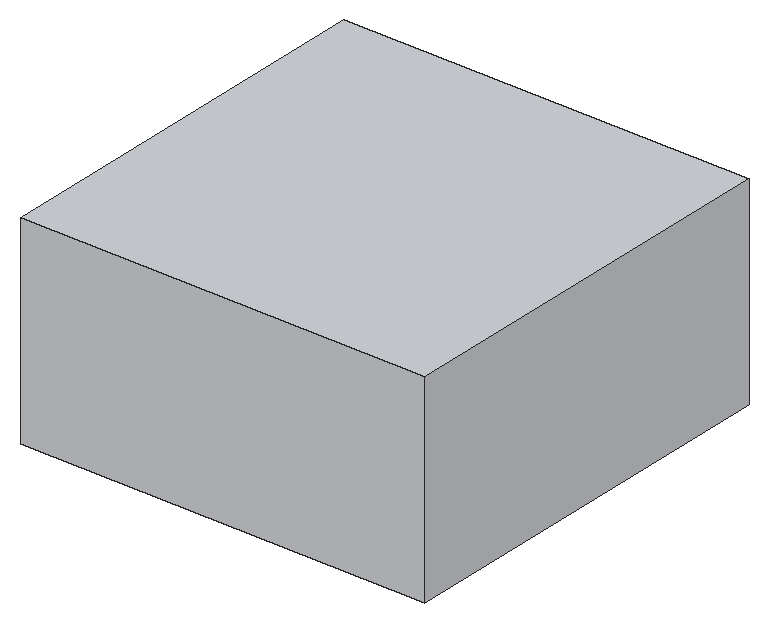
Revit family "StructuralFoundations_Pad-Rectangular", category Structural Foundations, Revit 2022
Family settings
  Material for Model Behavior = Concrete
  Cap = No
  Work Plane-Based = Yes
  Always vertical = Yes
  Cut with Voids When Loaded = No
  Shared = No
Parameters (values of type "1000x1000x500 DP")
  Width = 1000 mm
  Volume = Width * Length * Foundation Thickness  # 0.50 m³
  Structural Material [instance] = none
  Reinforcement Specs [instance] = ""
  Pad Type = "P1"
  Mesh [instance] = ""
  Length = 1000 mm
  Foundation Thickness = 500 mm
  Default Elevation = 1219.2 mm
Reference planes
  plane 1 "Center (Front/Back)": y = 0
  plane 2: z = 0
  plane 3 "Center (Left/Right)": x = 0
  plane 4: x = -500
  plane 5: x = 500
  plane 6: y = 500
  plane 7: y = -500
  plane 8: z = -500
Forms (mm)
  Extrusion 1, solid, material <- "Structural Material"
    sketch origin (0, 0, 0) x (1, 0, 0) y (0, 1, 0)
      loop
        line (-500, 500) -> (-500, -500) -> (500, -500) -> (500, 500) -> (-500, 500)
    from -500 to 0
Dimensions and locks
  equal spacing: plane 4, plane 3 "Center (Left/Right)", plane 5
  "Length": plane 4 to plane 5
  equal spacing: plane 7, plane 1 "Center (Front/Back)", plane 6
  "Width": plane 7 to plane 6
  "Foundation Thickness": plane 2 to plane 8
  aligned and locked: plane 4 to Extrusion 1 sketch curve
  aligned and locked: Extrusion 1 sketch curve to plane 6
  aligned and locked: plane 7 to Extrusion 1 sketch curve
  aligned and locked: plane 5 to Extrusion 1 sketch curve
  aligned and locked: Extrusion 1 to plane 8
  aligned and locked: plane 2 to Extrusion 1
